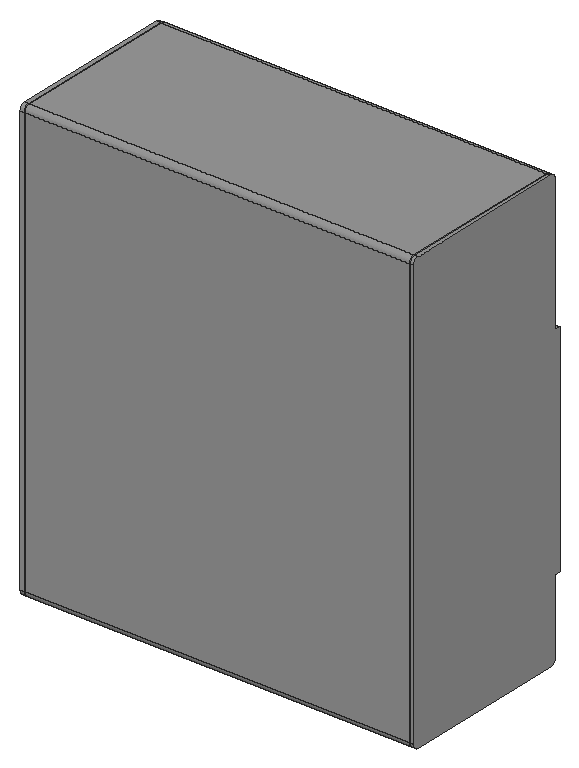
Revit family "L&L_LUCE&LIGHT_PASITO_1.0", category Lighting Fixtures, host Wall, Revit 2018 (continued)
Types (2, lengths in mm): name | Photometric Web File | built-in parameter 1150142
  PASITO_1.0 – 60° | "PASITO 1.0 BE 60° [2700K 10W 230Vac] white.IES" | "IESNA:LM-63-2002\r\n[TEST] PASITO 10 30K80 60  - 20181015-1739.LDT\r\n[TESTLAB] L&L\r\n[TESTDATE] 15 Oct 2018\r\n[ISSUEDATE] 15 Oct 2018\r\n[MANUFAC] L&L\r\n[LUMCAT] PASITO 1.0 BE 60° [2700K 10W 230Vac] white\r\n[LUMINAIRE] PASITO 1.0 BE 60° [2700K 10W 230Vac] white\r\n[FLASHAREA] 0.000007\r\n[LAMPCAT] Power LED\r\n[LAMP] Power LED\r\nTILT=NONE\r\n1 312.00 1.0 181 73 1 2 0.001 0.030 0.000\r\n1.00 1.00 10.00\r\n0.00 1.00 2.00 3.00 4.00 5.00 6.00 7.00 8.00 9.00 10.00 \r\n11.00 12.00 13.00 14.00 15.00 16.00 17.00 18.00 19.00 \r\n20.00 21.00 22.00 23.00 24.00 25.00 26.00 27.00 28.00 \r\n29.00 30.00 31.00 32.00 33.00 34.00 35.00 36.00 37.00 \r\n38.00 39.00 40.00 41.00 42.00 43.00 44.00 45.00 46.00 \r\n47.00 48.00 49.00 50.00 51.00 52.00 53.00 54.00 55.00 \r\n56.00 57.00 58.00 59.00 60.00 61.00 62.00 63.00 64.00 \r\n65.00 66.00 67.00 68.00 69.00 70.00 71.00 72.00 73.00 \r\n74.00 75.00 76.00 77.00 78.00 79.00 80.00 81.00 82.00 \r\n83.00 84.00 85.00 86.00 87.00 88.00 89.00 90.00 91.00 \r\n92.00 93.00 94.00 95.00 96.00 97.00 98.00 99.00 100.00 \r\n101.00 102.00 103.00 104.00 105.00 106.00 107.00 108.00 \r\n109.00 110.00 111.00 112.00 113.00 114.00 115.00 116.00 \r\n117.00 118.00 119.00 120.00 121.00 122.00 123.00 124.00 \r\n125.00 126.00 127.00 128.00 129.00 130.00 131.00 132.00 \r\n133.00 134.00 135.00 136.00 137.00 138.00 139.00 140.00 \r\n141.00 142.00 143.00 144.00 145.00 146.00 147.00 148.00 \r\n149.00 150.00 151.00 152.00 153.00 154.00 155.00 156.00 \r\n157.00 158.00 159.00 160.00 161.00 162.00 163.00 164.00 \r\n165.00 166.00 167.00 168.00 169.00 170.00 171.00 172.00 \r\n173.00 174.00 175.00 176.00 177.00 178.00 179.00 180.00 \r\n0.00 5.00 10.00 15.00 20.00 25.00 30.00 35.00 40.00 45.00 \r\n50.00 55.00 60.00 65.00 70.00 75.00 80.00 85.00 90.00 \r\n95.00 100.00 105.00 110.00 115.00 120.00 125.00 130.00 \r\n135.00 140.00 145.00 150.00 155.00 160.00 165.00 170.00 \r\n175.00 180.00 185.00 190.00 195.00 200.00 205.00 210.00 \r\n215.00 220.00 225.00 230.00 235.00 240.00 245.00 250.00 \r\n255.00 260.00 265.00 270.00 275.00 280.00 285.00 290.00 \r\n295.00 300.00 305.00 310.00 315.00 320.00 325.00 330.00 \r\n335.00 340.00 345.00 350.00 355.00 360.00 \r\n0.01 0.01 0.01 0.02 0.02 0.02 0.02 0.02 0.02 0.02 0.02 \r\n0.02 0.02 0.02 0.02 0.02 0.02 0.02 0.02 0.02 0.02 0.02 \r\n0.02 0.02 0.02 0.03 0.03 0.03 0.03 0.03 0.03 0.03 0.03 \r\n0.03 0.03 0.03 0.03 0.03 0.03 0.04 0.04 0.04 0.04 0.04 \r\n0.04 0.04 0.04 0.04 0.04 0.04 0.04 0.04 0.04 0.04 0.04 \r\n0.04 0.04 0.04 0.04 0.05 0.05 0.05 0.05 0.05 0.05 0.05 \r\n0.05 0.05 0.05 0.05 0.05 0.05 0.05 0.05 0.05 0.05 0.05 \r\n0.05 0.05 0.05 0.05 0.05 0.05 0.05 0.05 0.05 0.05 0.05 \r\n0.05 0.05 0.05 0.05 0.05 0.05 0.05 0.05 0.06 0.06 0.06 \r\n0.06 0.06 0.06 0.06 0.06 0.06 0.06 0.06 0.06 0.06 0.06 \r\n0.06 0.06 0.06 0.06 0.06 0.06 0.06 0.06 0.06 0.06 0.06 \r\n0.06 0.06 0.06 0.06 0.06 0.06 0.06 0.06 0.06 0.06 0.06 \r\n0.06 0.06 0.06 0.06 0.07 0.07 0.07 0.07 0.07 0.07 0.07 \r\n0.07 0.07 0.07 0.07 0.07 0.07 0.07 0.07 0.07 0.07 0.07 \r\n0.07 0.07 0.07 0.07 0.07 0.07 0.07 0.07 0.07 0.07 0.07 \r\n0.07 0.07 0.07 0.07 0.07 0.07 0.07 0.08 0.08 0.08 0.08 \r\n0.07 0.06 0.04 0.02 0.01 \r\n0.01 0.01 0.01 0.01 0.01 0.01 0.01 0.01 0.01 0.00 0.00 \r\n0.00 0.00 0.00 0.00 0.00 0.00 0.00 0.00 0.00 0.00 0.00 \r\n0.00 0.00 0.00 0.00 0.00 0.00 0.00 0.00 0.00 0.00 0.00 \r\n0.00 0.00 0.00 0.00 0.00 0.00 0.00 0.00 0.00 0.00 0.00 \r\n0.00 0.00 0.00 0.00 0.00 0.00 0.00 0.00 0.00 0.00 0.00 \r\n0.00 0.00 0.00 0.00 0.00 0.00 0.00 0.00 0.00 0.00 0.00 \r\n0.00 0.00 0.00 0.00 0.00 0.00 0.00 0.00 0.00 0.00 0.00 \r\n0.00 0.00 0.00 0.00 0.00 0.00 0.00 0.00 0.00 0.00 0.00 \r\n0.00 0.00 0.00 0.00 0.00 0.00 0.00 0.00 0.00 0.00 0.00 \r\n0.00 0.00 0.00 0.00 0.00 0.00 0.00 0.00 0.00 0.00 0.00 \r\n0.00 0.00 0.00 0.00 0.00 0.00 0.00 0.00 0.00 0.00 0.00 \r\n0.00 0.00 0.00 0.00 0.00 0.00 0.00 0.00 0.00 0.00 0.00 \r\n0.00 0.00 0.00 0.00 0.00 0.00 0.00 0.00 0.00 0.00 0.00 \r\n0.00 0.00 0.00 0.00 0.00 0.00 0.00 0.00 0.00 0.00 0.00 \r\n0.00 0.00 0.00 0.00 0.00 0.00 0.00 0.00 0.00 0.00 0.00 \r\n0.00 0.00 0.00 0.00 0.00 0.00 0.01 0.01 0.02 0.02 0.03 \r\n0.03 0.03 0.03 0.02 0.01 \r\n0.01 0.01 0.01 0.01 0.01 0.00 0.00 0.00 0.00 0.00 0.00 \r\n0.00 0.00 0.00 0.00 0.00 0.00 0.00 0.00 0.00 0.00 0.00 \r\n0.00 0.00 0.00 0.00 0.00 0.00 0.00 0.00 0.00 0.00 0.00 \r\n0.00 0.00 0.00 0.00 0.00 0.00 0.00 0.00 0.00 0.00 0.00 \r\n0.00 0.00 0.00 0.00 0.00 0.00 0.00 0.00 0.00 0.00 0.00 \r\n0.00 0.00 0.00 0.00 0.00 0.00 0.00 0.00 0.00 0.00 0.00 \r\n0.00 0.00 0.00 0.00 0.00 0.00 0.00 0.00 0.00 0.00 0.00 \r\n0.00 0.00 0.00 0.00 0.00 0.00 0.00 0.00 0.00 0.00 0.00 \r\n0.00 0.00 0.00 0.00 0.00 0.00 0.00 0.00 0.00 0.00 0.00 \r\n0.00 0.00 0.00 0.00 0.00 0.00 0.00 0.00 0.00 0.00 0.00 \r\n0.00 0.00 0.00 0.00 0.00 0.00 0.00 0.00 0.00 0.00 0.00 \r\n0.00 0.00 0.00 0.00 0.00 0.00 0.00 0.00 0.00 0.00 0.00 \r\n0.00 0.00 0.00 0.00 0.00 0.00 0.00 0.00 0.00 0.00 0.00 \r\n0.00 0.00 0.00 0.00 0.00 0.00 0.00 0.00 0.00 0.00 0.00 \r\n0.00 0.00 0.00 0.00 0.00 0.00 0.00 0.00 0.00 0.00 0.00 \r\n0.00 0.00 0.00 0.00 0.00 0.00 0.00 0.00 0.00 0.00 0.01 \r\n0.01 0.01 0.02 0.02 0.01 \r\n0.01 0.01 0.01 0.00 0.00 0.00 0.00 0.00 0.00 0.00 0.00 \r\n0.00 0.00 0.00 0.00 0.00 0.00 0.00 0.00 0.00 0.00 0.00 \r\n0.00 0.00 0.00 0.00 0.00 0.00 0.00 0.00 0.00 0.00 0.00 \r\n0.00 0.00 0.00 0.00 0.00 0.00 0.00 0.00 0.00 0.00 0.00 \r\n0.00 0.00 0.00 0.00 0.00 0.00 0.00 0.00 0.00 0.00 0.00 \r\n0.00 0.00 0.00 0.00 0.00 0.00 0.00 0.00 0.00 0.00 0.00 \r\n0.00 0.00 0.00 0.00 0.00 0.00 0.00 0.00 0.00 0.00 0.00 \r\n0.00 0.00 0.00 0.00 0.00 0.00 0.00 0.00 0.00 0.00 0.00 \r\n0.00 0.00 0.00 0.00 0.00 0.00 0.00 0.00 0.00 0.00 0.00 \r\n0.00 0.00 0.00 0.00 0.00 0.00 0.00 0.00 0.00 0.00 0.00 \r\n0.00 0.00 0.00 0.00 0.00 0.00 0.00 0.00 0.00 0.00 0.00 \r\n0.00 0.00 0.00 0.00 0.00 0.00 0.00 0.00 0.00 0.00 0.00 \r\n0.00 0.00 0.00 0.00 0.00 0.00 0.00 0.00 0.00 0.00 0.00 \r\n0.00 0.00 0.00 0.00 0.00 0.00 0.00 0.00 0.00 0.00 0.00 \r\n0.00 0.00 0.00 0.00 0.00 0.00 0.00 0.00 0.00 0.00 0.00 \r\n0.00 0.00 0.00 0.00 0.00 0.00 0.00 0.00 0.00 0.00 0.00 \r\n0.00 0.01 0.01 0.02 0.01 \r\n0.01 0.01 0.00 0.00 0.00 0.00 0.00 0.00 0.00 0.00 0.00 \r\n0.00 0.00 0.00 0.00 0.00 0.00 0.00 0.00 0.00 0.00 0.00 \r\n0.00 0.00 0.00 0.00 0.00 0.00 0.00 0.00 0.00 0.00 0.00 \r\n0.00 0.00 0.00 0.00 0.00 0.00 0.00 0.00 0.00 0.00 0.00 \r\n0.00 0.00 0.00 0.00 0.00 0.00 0.00 0.00 0.00 0.00 0.00 \r\n0.00 0.00 0.00 0.00 0.00 0.00 0.00 0.00 0.00 0.00 0.00 \r\n0.00 0.00 0.00 0.00 0.00 0.00 0.00 0.00 0.00 0.00 0.00 \r\n0.00 0.00 0.00 0.00 0.00 0.00 0.00 0.00 0.00 0.00 0.00 \r\n0.00 0.00 0.00 0.00 0.00 0.00 0.00 0.00 0.00 0.00 0.00 \r\n0.00 0.00 0.00 0.00 0.00 0.00 0.00 0.00 0.00 0.00 0.00 \r\n0.00 0.00 0.00 0.00 0.00 0.00 0.00 0.00 0.00 0.00 0.00 \r\n0.00 0.00 0.00 0.00 0.00 0.00 0.00 0.00 0.00 0.00 0.00 \r\n0.00 0.00 0.00 0.00 0.00 0.00 0.00 0.00 0.00 0.00 0.00 \r\n0.00 0.00 0.00 0.00 0.00 0.00 0.00 0.00 0.00 0.00 0.00 \r\n0.00 0.00 0.00 0.00 0.00 0.00 0.00 0.00 0.00 0.00 0.00 \r\n0.00 0.00 0.00 0.00 0.00 0.00 0.00 0.00 0.00 0.00 0.00 \r\n0.00 0.00 0.01 0.01 0.01 \r\n0.01 0.01 0.00 0.00 0.00 0.00 0.00 0.00 0.00 0.00 0.00 \r\n0.00 0.00 0.00 0.00 0.00 0.00 0.00 0.00 0.00 0.00 0.00 \r\n0.00 0.00 0.00 0.00 0.00 0.00 0.00 0.00 0.00 0.00 0.00 \r\n0.00 0.00 0.00 0.00 0.00 0.00 0.00 0.00 0.00 0.00 0.00 \r\n0.00 0.00 0.00 0.00 0.00 0.00 0.00 0.00 0.00 0.00 0.00 \r\n0.00 0.00 0.00 0.00 0.00 0.00 0.00 0.00 0.00 0.00 0.00 \r\n0.00 0.00 0.00 0.00 0.00 0.00 0.00 0.00 0.00 0.00 0.00 \r\n0.00 0.00 0.00 0.00 0.00 0.00 0.00 0.00 0.00 0.00 0.00 \r\n0.00 0.00 0.00 0.00 0.00 0.00 0.00 0.00 0.00 0.00 0.00 \r\n0.00 0.00 0.00 0.00 0.00 0.00 0.00 0.00 0.00 0.00 0.00 \r\n0.00 0.00 0.00 0.00 0.00 0.00 0.00 0.00 0.00 0.00 0.00 \r\n0.00 0.00 0.00 0.00 0.00 0.00 0.00 0.00 0.00 0.00 0.00 \r\n0.00 0.00 0.00 0.00 0.00 0.00 0.00 0.00 0.00 0.00 0.00 \r\n0.00 0.00 0.00 0.00 0.00 0.00 0.00 0.00 0.00 0.00 0.00 \r\n0.00 0.00 0.00 0.00 0.00 0.00 0.00 0.00 0.00 0.00 0.00 \r\n0.00 0.00 0.00 0.00 0.00 0.00 0.00 0.00 0.00 0.00 0.00 \r\n0.00 0.00 0.00 0.01 0.01 \r\n0.01 0.01 0.00 0.00 0.00 0.00 0.00 0.00 0.00 0.00 0.00 \r\n0.00 0.00 0.00 0.00 0.00 0.00 0.00 0.00 0.00 0.00 0.00 \r\n0.00 0.00 0.00 0.00 0.00 0.00 0.00 0.00 0.00 0.00 0.00 \r\n0.00 0.00 0.00 0.00 0.00 0.00 0.00 0.00 0.00 0.00 0.00 \r\n0.00 0.00 0.00 0.00 0.00 0.00 0.00 0.00 0.00 0.00 0.00 \r\n0.00 0.00 0.00 0.00 0.00 0.00 0.00 0.00 0.00 0.00 0.00 \r\n0.00 0.00 0.00 0.00 0.00 0.00 0.00 0.00 0.00 0.00 0.00 \r\n0.00 0.00 0.00 0.00 0.00 0.00 0.00 0.00 0.00 0.00 0.00 \r\n0.00 0.00 0.00 0.00 0.00 0.00 0.00 0.00 0.00 0.00 0.00 \r\n0.00 0.00 0.00 0.00 0.00 0.00 0.00 0.00 0.00 0.00 0.00 \r\n0.00 0.00 0.00 0.00 0.00 0.00 0.00 0.00 0.00 0.00 0.00 \r\n0.00 0.00 0.00 0.00 0.00 0.00 0.00 0.00 0.00 0.00 0.00 \r\n0.00 0.00 0.00 0.00 0.00 0.00 0.00 0.00 0.00 0.00 0.00 \r\n0.00 0.00 0.00 0.00 0.00 0.00 0.00 0.00 0.00 0.00 0.00 \r\n0.00 0.00 0.00 0.00 0.00 0.00 0.00 0.00 0.00 0.00 0.00 \r\n0.00 0.00 0.00 0.00 0.00 0.00 0.00 0.00 0.00 0.00 0.00 \r\n0.00 0.00 0.00 0.01 0.01 \r\n0.01 0.00 0.00 0.00 0.00 0.00 0.00 0.00 0.00 0.00 0.00 \r\n0.00 0.00 0.00 0.00 0.00 0.00 0.00 0.00 0.00 0.00 0.00 \r\n0.00 0.00 0.00 0.00 0.00 0.00 0.00 0.00 0.00 0.00 0.00 \r\n0.00 0.00 0.00 0.00 0.00 0.00 0.00 0.00 0.00 0.00 0.00 \r\n0.00 0.00 0.00 0.00 0.00 0.00 0.00 0.00 0.00 0.00 0.00 \r\n0.00 0.00 0.00 0.00 0.00 0.00 0.00 0.00 0.00 0.00 0.00 \r\n0.00 0.00 0.00 0.00 0.00 0.00 0.00 0.00 0.00 0.00 0.00 \r\n0.00 0.00 0.00 0.00 0.00 0.00 0.00 0.00 0.00 0.00 0.00 \r\n0.00 0.00 0.00 0.00 0.00 0.00 0.00 0.00 0.00 0.00 0.00 \r\n0.00 0.00 0.00 0.00 0.00 0.00 0.00 0.00 0.00 0.00 0.00 \r\n0.00 0.00 0.00 0.00 0.00 0.00 0.00 0.00 0.00 0.00 0.00 \r\n0.00 0.00 0.00 0.00 0.00 0.00 0.00 0.00 0.00 0.00 0.00 \r\n0.00 0.00 0.00 0.00 0.00 0.00 0.00 0.00 0.00 0.00 0.00 \r\n0.00 0.00 0.00 0.00 0.00 0.00 0.00 0.00 0.00 0.00 0.00 \r\n0.00 0.00 0.00 0.00 0.00 0.00 0.00 0.00 0.00 0.00 0.00 \r\n0.00 0.00 0.00 0.00 0.00 0.00 0.00 0.00 0.00 0.00 0.00 \r\n0.00 0.00 0.00 0.01 0.01 \r\n0.01 0.00 0.00 0.00 0.00 0.00 0.00 0.00 0.00 0.00 0.00 \r\n0.00 0.00 0.00 0.00 0.00 0.00 0.00 0.00 0.00 0.00 0.00 \r\n0.00 0.00 0.00 0.00 0.00 0.00 0.00 0.00 0.00 0.00 0.00 \r\n0.00 0.00 0.00 0.00 0.00 0.00 0.00 0.00 0.00 0.00 0.00 \r\n0.00 0.00 0.00 0.00 0.00 0.00 0.00 0.00 0.00 0.00 0.00 \r\n0.00 0.00 0.00 0.00 0.00 0.00 0.00 0.00 0.00 0.00 0.00 \r\n0.00 0.00 0.00 0.00 0.00 0.00 0.00 0.00 0.00 0.00 0.00 \r\n0.00 0.00 0.00 0.00 0.00 0.00 0.00 0.00 0.00 0.00 0.00 \r\n0.00 0.00 0.00 0.00 0.00 0.00 0.00 0.00 0.00 0.00 0.00 \r\n0.00 0.00 0.00 0.00 0.00 0.00 0.00 0.00 0.00 0.00 0.00 \r\n0.00 0.00 0.00 0.00 0.00 0.00 0.00 0.00 0.00 0.00 0.00 \r\n0.00 0.00 0.00 0.00 0.00 0.00 0.00 0.00 0.00 0.00 0.00 \r\n0.00 0.00 0.00 0.00 0.00 0.00 0.00 0.00 0.00 0.00 0.00 \r\n0.00 0.00 0.00 0.00 0.00 0.00 0.00 0.00 0.00 0.00 0.00 \r\n0.00 0.00 0.00 0.00 0.00 0.00 0.00 0.00 0.00 0.00 0.00 \r\n0.00 0.00 0.00 0.00 0.00 0.00 0.00 0.00 0.00 0.00 0.00 \r\n0.00 0.00 0.00 0.01 0.01 \r\n0.01 0.00 0.00 0.00 0.00 0.00 0.00 0.00 0.00 0.00 0.00 \r\n0.00 0.00 0.00 0.00 0.00 0.00 0.00 0.00 0.00 0.00 0.00 \r\n0.00 0.00 0.00 0.00 0.00 0.00 0.00 0.00 0.00 0.00 0.00 \r\n0.00 0.00 0.00 0.00 0.00 0.00 0.00 0.00 0.00 0.00 0.00 \r\n0.00 0.00 0.00 0.00 0.00 0.00 0.00 0.00 0.00 0.00 0.00 \r\n0.00 0.00 0.00 0.00 0.00 0.00 0.00 0.00 0.00 0.00 0.00 \r\n0.00 0.00 0.00 0.00 0.00 0.00 0.00 0.00 0.00 0.00 0.00 \r\n0.00 0.00 0.00 0.00 0.00 0.00 0.00 0.00 0.00 0.00 0.00 \r\n0.00 0.00 0.00 0.00 0.00 0.00 0.00 0.00 0.00 0.00 0.00 \r\n0.00 0.00 0.00 0.00 0.00 0.00 0.00 0.00 0.00 0.00 0.00 \r\n0.00 0.00 0.00 0.00 0.00 0.00 0.00 0.00 0.00 0.00 0.00 \r\n0.00 0.00 0.00 0.00 0.00 0.00 0.00 0.00 0.00 0.00 0.00 \r\n0.00 0.00 0.00 0.00 0.00 0.00 0.00 0.00 0.00 0.00 0.00 \r\n0.00 0.00 0.00 0.00 0.00 0.00 0.00 0.00 0.00 0.00 0.00 \r\n0.00 0.00 0.00 0.00 0.00 0.00 0.00 0.00 0.00 0.00 0.00 \r\n0.00 0.00 0.00 0.00 0.00 0.00 0.00 0.00 0.00 0.00 0.00 \r\n0.00 0.00 0.00 0.00 0.01 \r\n0.01 0.00 0.00 0.00 0.00 0.00 0.00 0.00 0.00 0.00 0.00 \r\n0.00 0.00 0.00 0.00 0.00 0.00 0.00 0.00 0.00 0.00 0.00 \r\n0.00 0.00 0.00 0.00 0.00 0.00 0.00 0.00 0.00 0.00 0.00 \r\n0.00 0.00 0.00 0.00 0.00 0.00 0.00 0.00 0.00 0.00 0.00 \r\n0.00 0.00 0.00 0.00 0.00 0.00 0.00 0.00 0.00 0.00 0.00 \r\n0.00 0.00 0.00 0.00 0.00 0.00 0.00 0.00 0.00 0.00 0.00 \r\n0.00 0.00 0.00 0.00 0.00 0.00 0.00 0.00 0.00 0.00 0.00 \r\n0.00 0.00 0.00 0.00 0.00 0.00 0.00 0.00 0.00 0.00 0.00 \r\n0.00 0.00 0.00 0.00 0.00 0.00 0.00 0.00 0.00 0.00 0.00 \r\n0.00 0.00 0.00 0.00 0.00 0.00 0.00 0.00 0.00 0.00 0.00 \r\n0.00 0.00 0.00 0.00 0.00 0.00 0.00 0.00 0.00 0.00 0.00 \r\n0.00 0.00 0.00 0.00 0.00 0.00 0.00 0.00 0.00 0.00 0.00 \r\n0.00 0.00 0.00 0.00 0.00 0.00 0.00 0.00 0.00 0.00 0.00 \r\n0.00 0.00 0.00 0.00 0.00 0.00 0.00 0.00 0.00 0.00 0.00 \r\n0.00 0.00 0.00 0.00 0.00 0.00 0.00 0.00 0.00 0.00 0.00 \r\n0.00 0.00 0.00 0.00 0.00 0.00 0.00 0.00 0.00 0.00 0.00 \r\n0.00 0.00 0.00 0.00 0.01 \r\n0.01 0.00 0.00 0.00 0.00 0.00 0.00 0.00 0.00 0.00 0.00 \r\n0.00 0.00 0.00 0.00 0.00 0.00 0.00 0.00 0.00 0.00 0.00 \r\n0.00 0.00 0.00 0.00 0.00 0.00 0.00 0.00 0.00 0.00 0.00 \r\n0.00 0.00 0.00 0.00 0.00 0.00 0.00 0.00 0.00 0.00 0.00 \r\n0.00 0.00 0.00 0.00 0.00 0.00 0.00 0.00 0.00 0.00 0.00 \r\n0.00 0.00 0.00 0.00 0.00 0.00 0.00 0.00 0.00 0.00 0.00 \r\n0.00 0.00 0.00 0.00 0.00 0.00 0.00 0.00 0.00 0.00 0.00 \r\n0.00 0.00 0.00 0.00 0.00 0.00 0.00 0.00 0.00 0.00 0.00 \r\n0.00 0.00 0.00 0.00 0.00 0.00 0.00 0.00 0.00 0.00 0.00 \r\n0.00 0.00 0.00 0.00 0.00 0.00 0.00 0.00 0.00 0.00 0.00 \r\n0.00 0.00 0.00 0.00 0.00 0.00 0.00 0.00 0.00 0.00 0.00 \r\n0.00 0.00 0.00 0.00 0.00 0.00 0.00 0.00 0.00 0.00 0.00 \r\n0.00 0.00 0.00 0.00 0.00 0.00 0.00 0.00 0.00 0.00 0.00 \r\n0.00 0.00 0.00 0.00 0.00 0.00 0.00 0.00 0.00 0.00 0.00 \r\n0.00 0.00 0.00 0.00 0.00 0.00 0.00 0.00 0.00 0.00 0.00 \r\n0.00 0.00 0.00 0.00 0.00 0.00 0.00 0.00 0.00 0.00 0.00 \r\n0.00 0.00 0.00 0.00 0.01 \r\n0.01 0.00 0.00 0.00 0.00 0.00 0.00 0.00 0.00 0.00 0.00 \r\n0.00 0.00 0.00 0.00 0.00 0.00 0.00 0.00 0.00 0.00 0.00 \r\n0.00 0.00 0.00 0.00 0.00 0.00 0.00 0.00 0.00 0.00 0.00 \r\n0.00 0.00 0.00 0.00 0.00 0.00 0.00 0.00 0.00 0.00 0.00 \r\n0.00 0.00 0.00 0.00 0.00 0.00 0.00 0.00 0.00 0.00 0.00 \r\n0.00 0.00 0.00 0.00 0.00 0.00 0.00 0.00 0.00 0.00 0.00 \r\n0.00 0.00 0.00 0.00 0.00 0.00 0.00 0.00 0.00 0.00 0.00 \r\n0.00 0.00 0.00 0.00 0.00 0.00 0.00 0.00 0.00 0.00 0.00 \r\n0.00 0.00 0.00 0.00 0.00 0.00 0.00 0.00 0.00 0.00 0.00 \r\n0.00 0.00 0.00 0.00 0.00 0.00 0.00 0.00 0.00 0.00 0.00 \r\n0.00 0.00 0.00 0.00 0.00 0.00 0.00 0.00 0.00 0.00 0.00 \r\n0.00 0.00 0.00 0.00 0.00 0.00 0.00 0.00 0.00 0.00 0.00 \r\n0.00 0.00 0.00 0.00 0.00 0.00 0.00 0.00 0.00 0.00 0.00 \r\n0.00 0.00 0.00 0.00 0.00 0.00 0.00 0.00 0.00 0.00 0.00 \r\n0.00 0.00 0.00 0.00 0.00 0.00 0.00 0.00 0.00 0.00 0.00 \r\n0.00 0.00 0.00 0.00 0.00 0.00 0.00 0.00 0.00 0.00 0.00 \r\n0.00 0.00 0.00 0.00 0.01 \r\n0.01 0.00 0.00 0.00 0.00 0.00 0.00 0.00 0.00 0.00 0.00 \r\n0.00 0.00 0.00 0.00 0.00 0.00 0.00 0.00 0.00 0.00 0.00 \r\n0.00 0.00 0.00 0.00 0.00 0.00 0.00 0.00 0.00 0.00 0.00 \r\n0.00 0.00 0.00 0.00 0.00 0.00 0.00 0.00 0.00 0.00 0.00 \r\n0.00 0.00 0.00 0.00 0.00 0.00 0.00 0.00 0.00 0.00 0.00 \r\n0.00 0.00 0.00 0.00 0.00 0.00 0.00 0.00 0.00 0.00 0.00 \r\n0.00 0.00 0.00 0.00 0.00 0.00 0.00 0.00 0.00 0.00 0.00 \r\n0.00 0.00 0.00 0.00 0.00 0.00 0.00 0.00 0.00 0.00 0.00 \r\n0.00 0.00 0.00 0.00 0.00 0.00 0.00 0.00 0.00 0.00 0.00 \r\n0.00 0.00 0.00 0.00 0.00 0.00 0.00 0.00 0.00 0.00 0.00 \r\n0.00 0.00 0.00 0.00 0.00 0.00 0.00 0.00 0.00 0.00 0.00 \r\n0.00 0.00 0.00 0.00 0.00 0.00 0.00 0.00 0.00 0.00 0.00 \r\n0.00 0.00 0.00 0.00 0.00 0.00 0.00 0.00 0.00 0.00 0.00 \r\n0.00 0.00 0.00 0.00 0.00 0.00 0.00 0.00 0.00 0.00 0.00 \r\n0.00 0.00 0.00 0.00 0.00 0.00 0.00 0.00 0.00 0.00 0.00 \r\n0.00 0.00 0.00 0.00 0.00 0.00 0.00 0.00 0.00 0.00 0.00 \r\n0.00 0.00 0.00 0.00 0.01 \r\n0.01 0.00 0.00 0.00 0.00 0.00 0.00 0.00 0.00 0.00 0.00 \r\n0.00 0.00 0.00 0.00 0.00 0.00 0.00 0.00 0.00 0.00 0.00 \r\n0.00 0.00 0.00 0.00 0.00 0.00 0.00 0.00 0.00 0.00 0.00 \r\n0.00 0.00 0.00 0.00 0.00 0.00 0.00 0.00 0.00 0.00 0.00 \r\n0.00 0.00 0.00 0.00 0.00 0.00 0.00 0.00 0.00 0.00 0.00 \r\n0.00 0.00 0.00 0.00 0.00 0.00 0.00 0.00 0.00 0.00 0.00 \r\n0.00 0.00 0.00 0.00 0.00 0.00 0.00 0.00 0.00 0.00 0.00 \r\n0.00 0.00 0.00 0.00 0.00 0.00 0.00 0.00 0.00 0.00 0.00 \r\n0.00 0.00 0.00 0.00 0.00 0.00 0.00 0.00 0.00 0.00 0.00 \r\n0.00 0.00 0.00 0.00 0.00 0.00 0.00 0.00 0.00 0.00 0.00 \r\n0.00 0.00 0.00 0.00 0.00 0.00 0.00 0.00 0.00 0
